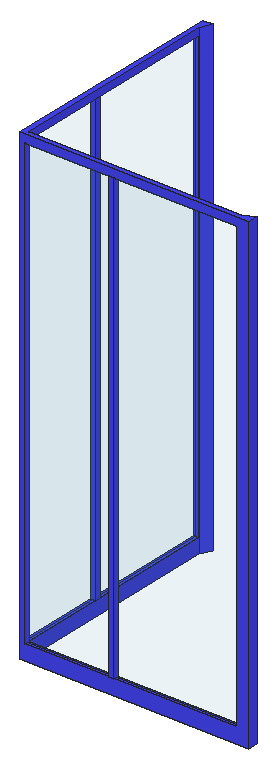
Revit family "IS_Connect_T9806_BIM_FR", category Plumbing Fixtures, host Face, Revit 2017
Family settings
  Host = Face
  Round Connector Dimension = Use Diameter
  Part Type = Normal
  OmniClass Number = 23.45.05.14.17.11
  OmniClass Title = Shower Compartments
  Cut with Voids When Loaded = No
  Shared = No
  Room Calculation Point = No
Parameters (values of type "T9806EO - CONNECT SPRCHOVY KOUT ČTVEREC 90 CM")
  ZoneDeMesure = "n/a"
  UrlDuFabricant = "www.idealstandard.be"
  UnitéMonétaire = "€"
  UnitéDeTemps = "An"
  UnitéDeMesure = "Millimètres"
  Uniclass2015Title = "n/a"
  Uniclass2015Code = "n/a"
  URL = "www.idealstandard.be"
  Téléphone = "0032 2 325 66 00"
  TypeDImmobilisation = "n/a"
  Révision = "1"
  Référence = "n/a"
  Raccordement = "Plomberie"
  Profondeur = 0 mm
  PoidsNet = "0"
  PoidsBrut = "n/a"
  PiècesDétachées = "isaftersalesbelgium@idealstandard.com"
  PerformanceDeDurabilité = "n/a"
  PerformanceAccessibilité = "n/a"
  Nom = "n/a"
  Model = "T9806EO"
  Matériel = "n/a"
  Marque = "Ideal Standard"
  Manufacturer = "www.idealstandard.be"
  Longueur = 0 mm
  LienUtile = "www.idealstandard.be"
  Largeur = 0 mm
  InformationsProduit = "www.idealstandard.be"
  IfcExportType = "n/a"
  IfcExportAs = "n/a"
  Hauteur = 0 mm
  Grade = "n/a"
  GarantieDeTravail = "n/a"
  Forme = "Complexe"
  Finition = "n/a"
  Espace = "Interne"
  EffectuéPar = "n/a"
  DétailGarantie = "n/a"
  DébitL/Mn = "n/a"
  DuréeGarantie = "n/a"
  DuréeDeVie = "n/a"
  DuréeDeGarantieDesPièces = "n/a"
  DuréeDeGarantieDeTravail = "n/a"
  Dimensions = "0 x 0 x 0 mm"
  Description = "Porte 90 cmverre Transparent"
  Default Elevation = 0 mm
  DateDeCréation = "2018_08_15"
  CoûtDeRemplacement = 0
  Couleur = "n/a"
  Cost = 0
  ContactGarantieDesPièces = "isaftersalesbelgium@idealstandard.com"
  ConseilsDInstallation = "www.idealstandard.be"
  Conformité = "n/a"
  Composants = "n/a"
  CodeBarre = "n/a"
  Caractéristiques = "Porte 90 cmverre Transparent"
  Bim-NomDuProjet = "ISI_IdealStandard_Connect_T9806"
  Assembly Code = "C1030200"
  Accessoires = "www.idealstandard.be"
Reference planes
  plane 1 "Center (Front/Back)": y = 0
  plane 2: z = 0
  plane 3 "Center (Left/Right)": x = 0
  plane 4: z = 1900
  plane 5: z = 1870
  plane 6: x = -920
  plane 7: y = -920
  plane 8: y = -45
  plane 9: x = -879
  plane 10: x = -45
  plane 11: y = -879
  plane 12: x = -561.5
  plane 13: y = -561.5
Forms (mm)
  Extrusion 1, solid, material "Aluminium-Polished"
    sketch origin (-180, -40, 0) x (0, -1, 0) y (1, 0, 0)
      loop
        line (-40, -740) -> (880, -740) -> (880, 180) -> (838.991, 180) -> (860, 134.946) -> (860, -720) -> (4.701, -720) -> (-40, -699.156) -> (-40, -740)
    from 0 to 1900
  Extrusion 2, void
    sketch origin (-920, 1211.25, 2286) x (0, -1, 0) y (0, 0, 1)
      loop
        line (1256.25, -416) -> (1256.25, -2226) -> (2111.25, -2226) -> (2111.25, -416) -> (1256.25, -416)
    from 0 to -20
  Extrusion 3, void
    sketch origin (388.032, -920, 2306) x (-1, 0, 0) y (0, 0, 1)
      loop
        line (433.032, -436) -> (433.032, -2246) -> (1288.032, -2246) -> (1288.032, -436) -> (433.032, -436)
    from 0 to 25
  Extrusion 4, solid, material "Glass", detail levels medium+fine
    sketch origin (-4612, -225, 60) x (0, 1, 0) y (-1, 0, 0)
      loop
        line (180, -3712) -> (180, -3702) -> (-675, -3702) -> (-675, -3712) -> (180, -3712)
    from 0 to 1810
  Extrusion 5, solid, material "Glass", detail levels medium+fine
    sketch origin (-4572, -265, 60) x (0, 1, 0) y (-1, 0, 0)
      loop
        line (-635, -4527) -> (-635, -3672) -> (-645, -3672) -> (-645, -4527) -> (-635, -4527)
    from 0 to 1810
  Extrusion 6, solid, material "Aluminium-Polished", detail levels medium+fine
    sketch origin (-4612, -1141.408, 60) x (-1, 0, 0) y (0, 1, 0)
      loop
        line (-3712, 600) -> (-3712, 579.908) -> (-3692, 579.908) -> (-3692, 600) -> (-3712, 600)
    from 0 to -1810
  Extrusion 7, solid, material "Aluminium-Polished", detail levels medium+fine
    sketch origin (-4673.5, -265, 60) x (0, 1, 0) y (-1, 0, 0)
      loop
        line (-635, -4132) -> (-635, -4112) -> (-655, -4112) -> (-655, -4132) -> (-635, -4132)
    from 0 to 1810
Cuts and joins
  Extrusion 2, Extrusion 3 cuts Extrusion 1
Dimensions and locks
  plane 4 to level = 1900 mm
  plane 7 to plane 1 "Center (Front/Back)" = 920 mm
  plane 6 to plane 3 "Center (Left/Right)" = 920 mm
  aligned and locked: plane 2 to host face
  aligned and locked: level to host face
  aligned and locked: Extrusion 3 to Extrusion 1
  aligned and locked: Extrusion 2 to Extrusion 3
  aligned and locked: plane 4 to Extrusion 1
  aligned and locked: plane 5 to Extrusion 2
  aligned and locked: Extrusion 2 to Extrusion 6
  aligned and locked: Extrusion 3 to Extrusion 2
  aligned and locked: Extrusion 5 to Extrusion 2
  aligned and locked: Extrusion 7 to Extrusion 2
  aligned and locked: Extrusion 2 to Extrusion 4
  aligned and locked: plane 3 "Center (Left/Right)" to Extrusion 1
  aligned and locked: Extrusion 1 to plane 1 "Center (Front/Back)"
  aligned and locked: Extrusion 4 to Extrusion 5
  aligned and locked: cut or joined group of Extrusion 1, Extrusion 2, Extrusion 3 to Extrusion 4
